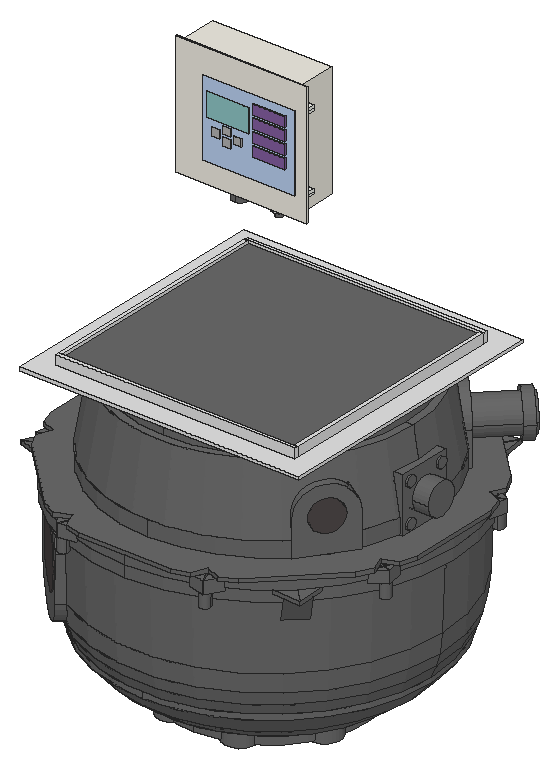
Revit family "280550s (200)", category Generic Models, Revit 2021 (continued)
Definition of nested family "280550s (200)_part2_X0Y0"
  Definition of nested family "280550s (200)_part2_content"
    Forms (mm)
      Extrusion 18, solid, detail levels medium+fine
        from 0 to 444
      Extrusion 19, solid, detail levels medium+fine
        sketch origin (-184, -184, 473.5) x (0, 1, 0) y (0, 0, 1)
          loop
            line (0, 12) -> (0, 0) -> (368, 0) -> (368, 12) -> (0, 12)
        from 0 to 368
      Extrusion 20, solid, detail levels medium+fine
        sketch origin (0, 60, 320) x (0, -1, 0) y (0, 0, 1)
          loop
            line (0, 50) -> (0, 0) -> (120, 0) -> (120, 50) -> (0, 50)
        from 0 to 245.5
      Extrusion 21, solid, detail levels medium+fine
        sketch origin (0, 0, 370) x (0, -1, 0) y (0, 0, 1)
          loop
            circle (0, 0) r 60
        from 0 to 245.5
      Extrusion 22, solid, detail levels medium+fine
        sketch origin (-244, 0, 370) x (0, -1, 0) y (0, 0, 1)
          loop
            circle (0, 0) r 35.1
        from 0 to 1.75
      Extrusion 23, solid, detail levels medium+fine
        sketch origin (31.82, -31.82, 320) x (-0.707107, 0.707107, 0) y (0, 0, 1)
          loop
            line (0, 55.25) -> (0, 0) -> (90, 0) -> (90, 55.25) -> (0, 55.25)
        from 0 to 245.5
      Extrusion 24, solid, detail levels medium+fine
        sketch origin (0, 0, 375.25) x (-0.707107, 0.707107, 0) y (0, 0, 1)
          loop
            circle (0, 0) r 45
        from 0 to 245.5
      Extrusion 25, solid, detail levels medium+fine
        sketch origin (0, 0, 370) x (-0.707107, 0.707107, 0) y (0, 0, 1)
          loop
            circle (0, 0) r 27.7
        from 0 to 311.36
      Extrusion 26, solid, detail levels medium+fine
        sketch origin (0, 27.5, 332.75) x (0, 1, 0) y (0, 0, 1)
          loop
            circle (0, 0) r 8
        from 0 to 250
      Extrusion 27, solid, detail levels medium+fine
        sketch origin (0, -46.25, 320) x (0, 1, 0) y (0, 0, 1)
          loop
            line (0, 86.5) -> (0, 0) -> (86.5, 0) -> (86.5, 86.5) -> (0, 86.5)
        from 0 to 245.5
      Extrusion 28, solid, detail levels medium+fine
        sketch origin (0, -3, 363.25) x (0, 1, 0) y (0, 0, 1)
          loop
            circle (0, 0) r 24.75
        from 0 to 272.5
      Extrusion 29, solid, detail levels medium+fine
        sketch origin (0, 27.5, 393.75) x (0, 1, 0) y (0, 0, 1)
          loop
            circle (0, 0) r 8
        from 0 to 250
      Extrusion 30, solid, detail levels medium+fine
        sketch origin (0, -33.5, 332.75) x (0, 1, 0) y (0, 0, 1)
          loop
            circle (0, 0) r 8
        from 0 to 250
      Extrusion 31, solid, detail levels medium+fine
        sketch origin (0, -33.5, 393.75) x (0, 1, 0) y (0, 0, 1)
          loop
            circle (0, 0) r 8
        from 0 to 250
      Extrusion 32, solid, detail levels medium+fine
        sketch origin (0, 0, 375.25) x (0.573577, 0.819152, 0) y (0, 0, 1)
          loop
            line (-45, 0) -> (-45, -55.25) -> (45, -55.25) -> (45, 0)
            arc (45, 0) -> (0, 45) -> (-45, 0) r 45
        from 0 to 245.5
      Extrusion 33, solid, detail levels medium+fine
        sketch origin (199.873, -139.953, 375.25) x (0.573577, 0.819152, 0) y (0, 0, 1)
          loop
            circle (0, 0) r 25
        from 0 to 1.75
      Extrusion 34, solid, detail levels medium+fine
        sketch origin (-53.002, 127.957, 0) x (-0.92388, -0.382683, 0) y (0.382683, -0.92388, 0)
          loop
            circle (0, 0) r 25
        from 0 to 28.5
      Extrusion 35, solid, detail levels medium+fine
        sketch origin (-127.957, -53.002, 0) x (0.382683, -0.92388, 0) y (0.92388, 0.382683, 0)
          loop
            circle (0, 0) r 25
        from 0 to 28.5
      Extrusion 36, solid, detail levels medium+fine
        sketch origin (53.002, -127.957, 0) x (0.92388, 0.382683, 0) y (-0.382683, 0.92388, 0)
          loop
            circle (0, 0) r 25
        from 0 to 28.5
      Extrusion 37, solid, detail levels medium+fine
        sketch origin (53.002, 127.957, 0) x (-0.923879, 0.382684, 0) y (-0.382684, -0.923879, 0)
          loop
            circle (0, 0) r 25
        from 0 to 28.5
      Extrusion 38, solid, detail levels medium+fine
        sketch origin (-127.957, 53.002, 0) x (-0.382684, -0.923879, 0) y (0.923879, -0.382684, 0)
          loop
            circle (0, 0) r 25
        from 0 to 28.5
      Extrusion 39, solid, detail levels medium+fine
        sketch origin (-53.002, -127.957, 0) x (0.923879, -0.382684, 0) y (0.382684, 0.923879, 0)
          loop
            circle (0, 0) r 25
        from 0 to 28.5
      Extrusion 40, solid, detail levels medium+fine
        sketch origin (127.957, -53.002, 0) x (0.382684, 0.923879, 0) y (-0.923879, 0.382684, 0)
          loop
            circle (0, 0) r 25
        from 0 to 28.5
      Extrusion 41, solid, detail levels medium+fine
        sketch origin (127.957, 53.002, 0) x (-0.382683, 0.92388, 0) y (-0.92388, -0.382683, 0)
          loop
            circle (0, 0) r 25
        from 0 to 28.5
      Extrusion 42, solid, detail levels medium+fine
        sketch origin (0, 0, 209) x (0, -1, 0) y (0, 0, 1)
          loop
            line (-72.693, 35.337) -> (-68.918, -37.767)
            arc (-68.918, -37.767) -> (-63.198, -56.139) -> (-50.593, -70.678) r 46.983
            line (-50.593, -70.678) -> (-49.193, -71.697)
            arc (-49.193, -71.697) -> (-25.794, -83.147) -> (0, -86.788) r 83.079
            arc (0, -86.788) -> (25.794, -83.147) -> (49.193, -71.697) r 83.079
            line (49.193, -71.697) -> (50.593, -70.678)
            arc (50.593, -70.678) -> (63.198, -56.139) -> (68.918, -37.767) r 46.983
            line (68.918, -37.767) -> (72.693, 35.337)
            arc (72.693, 35.337) -> (71.616, 38.805) -> (69.783, 41.939) r 15.989
            arc (69.783, 41.939) -> (60.032, 51.336) -> (48.652, 58.679) r 69.984
            line (48.652, 58.679) -> (47.252, 59.417)
            arc (47.252, 59.417) -> (24.369, 68.322) -> (0, 71.344) r 99.373
            arc (0, 71.344) -> (-24.369, 68.322) -> (-47.252, 59.417) r 99.373
            line (-47.252, 59.417) -> (-48.652, 58.679)
            arc (-48.652, 58.679) -> (-60.032, 51.336) -> (-69.783, 41.939) r 69.984
            arc (-69.783, 41.939) -> (-71.616, 38.805) -> (-72.693, 35.337) r 15.989
        from 0 to 277.5
      Extrusion 43, solid, detail levels medium+fine
        sketch origin (0, 0, 209) x (0, -1, 0) y (0, 0, 1)
          loop
            circle (0, 0) r 55
        from 0 to 326
      Extrusion 44, solid, detail levels medium+fine
        sketch origin (0, 0, 209) x (0.707107, -0.707107, 0) y (0, 0, 1)
          loop
            line (-72.693, 35.337) -> (-68.918, -37.767)
            arc (-68.918, -37.767) -> (-63.198, -56.139) -> (-50.593, -70.678) r 46.983
            line (-50.593, -70.678) -> (-49.193, -71.697)
            arc (-49.193, -71.697) -> (-25.794, -83.147) -> (0, -86.788) r 83.079
            arc (0, -86.788) -> (25.794, -83.147) -> (49.193, -71.697) r 83.079
            line (49.193, -71.697) -> (50.593, -70.678)
            arc (50.593, -70.678) -> (63.198, -56.139) -> (68.918, -37.767) r 46.983
            line (68.918, -37.767) -> (72.693, 35.337)
            arc (72.693, 35.337) -> (71.616, 38.805) -> (69.783, 41.939) r 15.989
            arc (69.783, 41.939) -> (60.032, 51.336) -> (48.652, 58.679) r 69.984
            line (48.652, 58.679) -> (47.252, 59.417)
            arc (47.252, 59.417) -> (24.369, 68.322) -> (0, 71.344) r 99.373
            arc (0, 71.344) -> (-24.369, 68.322) -> (-47.252, 59.417) r 99.373
            line (-47.252, 59.417) -> (-48.652, 58.679)
            arc (-48.652, 58.679) -> (-60.032, 51.336) -> (-69.783, 41.939) r 69.984
            arc (-69.783, 41.939) -> (-71.616, 38.805) -> (-72.693, 35.337) r 15.989
        from 0 to 277.5
      Extrusion 45, solid, detail levels medium+fine
        sketch origin (0, 0, 209) x (-0.707107, -0.707107, 0) y (0, 0, 1)
          loop
            line (-72.693, 35.337) -> (-68.918, -37.767)
            arc (-68.918, -37.767) -> (-63.198, -56.139) -> (-50.593, -70.678) r 46.983
            line (-50.593, -70.678) -> (-49.193, -71.697)
            arc (-49.193, -71.697) -> (-25.794, -83.147) -> (0, -86.788) r 83.079
            arc (0, -86.788) -> (25.794, -83.147) -> (49.193, -71.697) r 83.079
            line (49.193, -71.697) -> (50.593, -70.678)
            arc (50.593, -70.678) -> (63.198, -56.139) -> (68.918, -37.767) r 46.983
            line (68.918, -37.767) -> (72.693, 35.337)
            arc (72.693, 35.337) -> (71.616, 38.805) -> (69.783, 41.939) r 15.989
            arc (69.783, 41.939) -> (60.032, 51.336) -> (48.652, 58.679) r 69.984
            line (48.652, 58.679) -> (47.252, 59.417)
            arc (47.252, 59.417) -> (24.369, 68.322) -> (0, 71.344) r 99.373
            arc (0, 71.344) -> (-24.369, 68.322) -> (-47.252, 59.417) r 99.373
            line (-47.252, 59.417) -> (-48.652, 58.679)
            arc (-48.652, 58.679) -> (-60.032, 51.336) -> (-69.783, 41.939) r 69.984
            arc (-69.783, 41.939) -> (-71.616, 38.805) -> (-72.693, 35.337) r 15.989
        from 0 to 277.5
      Extrusion 46, solid, detail levels medium+fine
        sketch origin (-195.161, -195.161, 209) x (0.707107, -0.707107, 0) y (0, 0, 1)
          loop
            circle (0, 0) r 50.1
        from 0 to 1.75
      Extrusion 47, solid, detail levels medium+fine
        sketch origin (-195.162, 195.162, 209) x (-0.707107, -0.707107, 0) y (0, 0, 1)
          loop
            circle (0, 0) r 50.1
        from 0 to 1.75
      Extrusion 48, solid, detail levels medium+fine
        sketch origin (220.165, 220.165, 370) x (-0.707107, 0.707107, 0) y (0, 0, 1)
          loop
            circle (0, 0) r 34.75
        from 0 to 15.7
      Extrusion 49, solid, detail levels medium+fine
        sketch origin (230.559, 230.559, 370) x (-0.707107, 0.707107, 0) y (0, 0, 1)
          loop
            circle (0, 0) r 27.7
        from 0 to 4.8
      Extrusion 50, solid, detail levels medium+fine
        sketch origin (232.893, 232.893, 370) x (-0.707107, 0.707107, 0) y (0, 0, 1)
          loop
            circle (0, 0) r 20
        from 0 to 1.7
      Extrusion 51, solid, detail levels medium+fine
        sketch origin (240.105, 225.963, 364) x (-0.707107, 0.707107, 0) y (0, 0, 1)
          loop
            circle (0, 0) r 4.2
        from 0 to 1.8
      Extrusion 52, solid, detail levels medium+fine
        sketch origin (240.105, 225.963, 376) x (-0.707107, 0.707107, 0) y (0, 0, 1)
          loop
            circle (0, 0) r 4.2
        from 0 to 1.8
      Extrusion 53, solid, detail levels medium+fine
        sketch origin (225.963, 240.105, 376) x (-0.707107, 0.707107, 0) y (0, 0, 1)
          loop
            circle (0, 0) r 4.2
        from 0 to 1.8
      Extrusion 54, solid, detail levels medium+fine
        sketch origin (225.963, 240.105, 364) x (-0.707107, 0.707107, 0) y (0, 0, 1)
          loop
            circle (0, 0) r 4.2
        from 0 to 1.8
      Extrusion 55, solid, detail levels medium+fine
        sketch origin (-259.107, -87.843, 294.5) x (-0.92388, -0.382683, 0) y (0, 0, -1)
          loop
            line (0, 48.5) -> (0, 0) -> (29.9, 0) -> (0, 48.5)
        from 0 to 36
      Extrusion 56, solid, detail levels medium+fine
        sketch origin (-272.082, -112.7, 273) x (0.382683, -0.92388, 0) y (0.92388, 0.382683, 0)
          loop
            circle (0, 0) r 7.75
        from 0 to 21.5
      Extrusion 57, solid, detail levels medium+fine
        sketch origin (-265.153, -109.83, 300) x (-0.92388, -0.382683, 0) y (-0.382683, 0.92388, 0)
          loop
            line (36.5, 0) -> (0, 0) -> (0, -32) -> (36.5, 0)
        from 0 to 5.5
      Extrusion 58, solid, detail levels medium+fine
        sketch origin (-265.153, -109.83, 314) x (-0.92388, -0.382683, 0) y (-0.382683, 0.92388, 0)
          loop
            line (17, 0) -> (0, 0) -> (0, -25) -> (17, 0)
        from 0 to 14
      Extrusion 59, solid, detail levels medium+fine
        sketch origin (-265.153, -109.83, 294.5) x (-0.382683, 0.92388, 0) y (-0.92388, -0.382683, 0)
          loop
            line (0, 36.5) -> (0, 0) -> (32, 0) -> (0, 36.5)
        from 0 to 5.5
      Extrusion 60, solid, detail levels medium+fine
        sketch origin (-265.153, -109.83, 300) x (-0.382683, 0.92388, 0) y (-0.92388, -0.382683, 0)
          loop
            line (0, 17) -> (0, 0) -> (25, 0) -> (0, 17)
        from 0 to 14
      Extrusion 61, solid, detail levels medium+fine
        sketch origin (-245.331, 121.102, 294.5) x (-0.923879, 0.382684, 0) y (0, 0, -1)
          loop
            line (0, 48.5) -> (0, 0) -> (29.9, 0) -> (0, 48.5)
        from 0 to 36
      Extrusion 62, solid, detail levels medium+fine
        sketch origin (-272.082, 112.7, 273) x (-0.382684, -0.923879, 0) y (0.923879, -0.382684, 0)
          loop
            circle (0, 0) r 7.75
        from 0 to 21.5
      Extrusion 63, solid, detail levels medium+fine
        sketch origin (-265.153, 109.83, 300) x (-0.923879, 0.382684, 0) y (0.382684, 0.923879, 0)
          loop
            line (36.5, 0) -> (0, 0) -> (0, -32) -> (36.5, 0)
        from 0 to 5.5
      Extrusion 64, solid, detail levels medium+fine
        sketch origin (-265.153, 109.83, 314) x (-0.923879, 0.382684, 0) y (0.382684, 0.923879, 0)
          loop
            line (17, 0) -> (0, 0) -> (0, -25) -> (17, 0)
        from 0 to 14
      Extrusion 65, solid, detail levels medium+fine
        sketch origin (-265.153, 109.83, 294.5) x (0.382684, 0.923879, 0) y (-0.923879, 0.382684, 0)
          loop
            line (0, 36.5) -> (0, 0) -> (32, 0) -> (0, 36.5)
        from 0 to 5.5
      Extrusion 66, solid, detail levels medium+fine
        sketch origin (-265.153, 109.83, 300) x (0.382684, 0.923879, 0) y (-0.923879, 0.382684, 0)
          loop
            line (0, 17) -> (0, 0) -> (25, 0) -> (0, 17)
        from 0 to 14
      Extrusion 67, solid, detail levels medium+fine
        sketch origin (-190, 184, 473.5) x (0, 1, 0) y (0, 0, 1)
          loop
            line (0, 15) -> (0, 0) -> (6, 0) -> (6, 15) -> (0, 15)
        from 0 to 380
      Extrusion 68, solid, detail levels medium+fine
        sketch origin (-190, -190, 473.5) x (0, 1, 0) y (0, 0, 1)
          loop
            line (0, 15) -> (0, 0) -> (6, 0) -> (6, 15) -> (0, 15)
        from 0 to 380
      Extrusion 69, solid, detail levels medium+fine
        sketch origin (-190, -184, 473.5) x (0, 1, 0) y (0, 0, 1)
          loop
            line (0, 15) -> (0, 0) -> (368, 0) -> (368, 15) -> (0, 15)
        from 0 to 6
      Extrusion 70, solid, detail levels medium+fine
        sketch origin (184, -184, 473.5) x (0, 1, 0) y (0, 0, 1)
          loop
            line (0, 15) -> (0, 0) -> (368, 0) -> (368, 15) -> (0, 15)
        from 0 to 6
      Extrusion 71, solid, detail levels medium+fine
        sketch origin (180.312, -205.768, 294.5) x (0.707106, -0.707107, 0) y (0, 0, -1)
          loop
            line (0, 48.5) -> (0, 0) -> (29.9, 0) -> (0, 48.5)
        from 0 to 36
      Extrusion 72, solid, detail levels medium+fine
        sketch origin (202.939, -202.939, 300) x (0.707106, -0.707107, 0) y (-0.707107, -0.707106, 0)
          loop
            line (36.5, 0) -> (0, 0) -> (0, -32) -> (36.5, 0)
        from 0 to 5.5
      Extrusion 73, solid, detail levels medium+fine
        sketch origin (202.939, -202.939, 294.5) x (-0.707107, -0.707106, 0) y (0.707106, -0.707107, 0)
          loop
            line (0, 36.5) -> (0, 0) -> (32, 0) -> (0, 36.5)
        from 0 to 5.5
      Extrusion 74, solid, detail levels medium+fine
        sketch origin (171.331, 213.304, 294.5) x (0.573577, 0.819151, 0) y (0, 0, -1)
          loop
            line (0, 48.5) -> (0, 0) -> (29.9, 0) -> (0, 48.5)
        from 0 to 36
      Extrusion 75, solid, detail levels medium+fine
        sketch origin (164.616, 235.097, 294.5) x (0.819151, -0.573577, 0) y (0.573577, 0.819151, 0)
          loop
            line (0, 36.5) -> (0, 0) -> (32, 0) -> (0, 36.5)
        from 0 to 5.5
      Extrusion 76, solid, detail levels medium+fine
        sketch origin (164.616, 235.097, 300) x (0.573577, 0.819151, 0) y (0.819151, -0.573577, 0)
          loop
            line (36.5, 0) -> (0, 0) -> (0, -32) -> (36.5, 0)
        from 0 to 5.5
      Extrusion 77, solid, detail levels medium+fine
        sketch origin (109.83, 265.153, 294.5) x (0.923879, -0.382684, 0) y (0.382684, 0.923879, 0)
          loop
            line (0, 17) -> (0, 0) -> (25, 0) -> (0, 17)
        from 0 to 19.5
      Extrusion 78, solid, detail levels medium+fine
        sketch origin (112.7, 272.082, 273) x (-0.923879, 0.382684, 0) y (-0.382684, -0.923879, 0)
          loop
            circle (0, 0) r 7.75
        from 0 to 21.5
      Extrusion 79, solid, detail levels medium+fine
        sketch origin (109.83, 265.153, 314) x (0.382684, 0.923879, 0) y (0.923879, -0.382684, 0)
          loop
            line (17, 0) -> (0, 0) -> (0, -25) -> (17, 0)
        from 0 to 19.5
      Extrusion 80, solid, detail levels medium+fine
        sketch origin (272.082, 112.7, 273) x (-0.382683, 0.92388, 0) y (-0.92388, -0.382683, 0)
          loop
            circle (0, 0) r 7.75
        from 0 to 21.5
      Extrusion 81, solid, detail levels medium+fine
        sketch origin (265.153, 109.83, 314) x (0.92388, 0.382683, 0) y (0.382683, -0.92388, 0)
          loop
            line (17, 0) -> (0, 0) -> (0, -25) -> (17, 0)
        from 0 to 19.5
      Extrusion 82, solid, detail levels medium+fine
        sketch origin (265.153, 109.83, 294.5) x (0.382683, -0.92388, 0) y (0.92388, 0.382683, 0)
          loop
            line (0, 17) -> (0, 0) -> (25, 0) -> (0, 17)
        from 0 to 19.5
      Extrusion 83, solid, detail levels medium+fine
        sketch origin (-112.7, 272.082, 273) x (-0.92388, -0.382683, 0) y (0.382683, -0.92388, 0)
          loop
            circle (0, 0) r 7.75
        from 0 to 21.5
      Extrusion 84, solid, detail levels medium+fine
        sketch origin (-109.83, 265.153, 314) x (-0.382683, 0.92388, 0) y (0.92388, 0.382683, 0)
          loop
            line (17, 0) -> (0, 0) -> (0, -25) -> (17, 0)
        from 0 to 19.5
      Extrusion 85, solid, detail levels medium+fine
        sketch origin (-109.83, 265.153, 294.5) x (0.92388, 0.382683, 0) y (-0.382683, 0.92388, 0)
          loop
            line (0, 17) -> (0, 0) -> (25, 0) -> (0, 17)
        from 0 to 19.5
      Extrusion 86, solid, detail levels medium+fine
        sketch origin (272.082, -112.7, 273) x (0.382684, 0.923879, 0) y (-0.923879, 0.382684, 0)
          loop
            circle (0, 0) r 7.75
        from 0 to 21.5
      Extrusion 87, solid, detail levels medium+fine
        sketch origin (265.153, -109.83, 294.5) x (-0.382684, -0.923879, 0) y (0.923879, -0.382684, 0)
          loop
            line (0, 17) -> (0, 0) -> (25, 0) -> (0, 17)
        from 0 to 19.5
      Extrusion 88, solid, detail levels medium+fine
        sketch origin (265.153, -109.83, 314) x (0.923879, -0.382684, 0) y (-0.382684, -0.923879, 0)
          loop
            line (17, 0) -> (0, 0) -> (0, -25) -> (17, 0)
        from 0 to 19.5
      Extrusion 89, solid, detail levels medium+fine
        sketch origin (112.7, -272.082, 273) x (0.92388, 0.382683, 0) y (-0.382683, 0.92388, 0)
          loop
            circle (0, 0) r 7.75
        from 0 to 21.5
      Extrusion 90, solid, detail levels medium+fine
        sketch origin (109.83, -265.153, 314) x (0.382683, -0.92388, 0) y (-0.92388, -0.382683, 0)
          loop
            line (17, 0) -> (0, 0) -> (0, -25) -> (17, 0)
        from 0 to 19.5
      Extrusion 91, solid, detail levels medium+fine
        sketch origin (109.83, -265.153, 294.5) x (-0.92388, -0.382683, 0) y (0.382683, -0.92388, 0)
          loop
            line (0, 17) -> (0, 0) -> (25, 0) -> (0, 17)
        from 0 to 19.5
      Extrusion 92, solid, detail levels medium+fine
        sketch origin (-112.7, -272.082, 273) x (0.923879, -0.382684, 0) y (0.382684, 0.923879, 0)
          loop
            circle (0, 0) r 7.75
        from 0 to 21.5
      Extrusion 93, solid, detail levels medium+fine
        sketch origin (-109.83, -265.153, 294.5) x (-0.923879, 0.382684, 0) y (-0.382684, -0.923879, 0)
          loop
            line (0, 17) -> (0, 0) -> (25, 0) -> (0, 17)
        from 0 to 19.5
      Extrusion 94, solid, detail levels medium+fine
        sketch origin (-109.83, -265.153, 314) x (-0.382684, -0.923879, 0) y (-0.923879, 0.382684, 0)
          loop
            line (17, 0) -> (0, 0) -> (0, -25) -> (17, 0)
        from 0 to 19.5
      Extrusion 95, solid, detail levels coarse
        sketch origin (-17.478, 0, 0) x (1, 0, 0) y (0, 1, 0)
          loop
            line (-308.522, -291.044) -> (308.522, -291.044) -> (308.522, 291.044) -> (-308.522, 291.044) -> (-308.522, -291.044)
        from 0 to 488.5
    Dimensions and locks
      aligned and locked: level to plane 2
